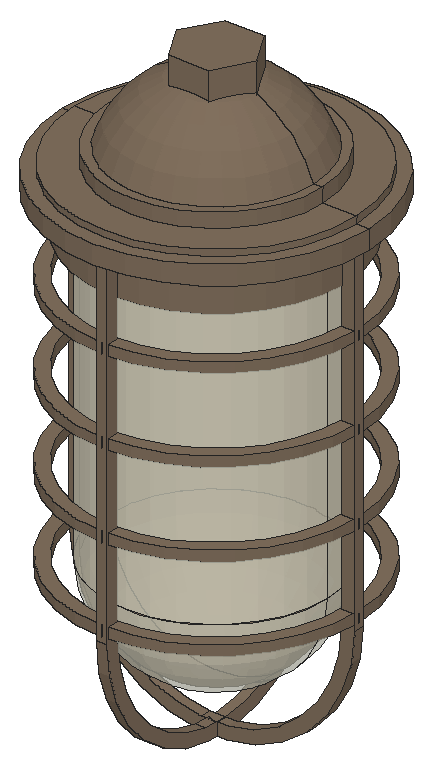
Revit family "P2.CG", category Lighting Fixtures, Revit 2024
Family settings
  Round Connector Dimension = Use Diameter
  Part Type = Normal
  OmniClass Number = 23.80.70.00
  OmniClass Title = Lighting
  Work Plane-Based = No
  Always vertical = Yes
  Cut with Voids When Loaded = No
  Light Source = No
  Maintain Annotation Orientation = No
  Shared = No
  Room Calculation Point = No
Parameters
  Default Elevation = 0' - 0"
Reference planes (in)
  plane 1 "Light Source Axis (F/B)": y = 0
  plane 2: z = 0
  plane 3 "Light Source Axis (L/R)": x = 0
  plane 4 "Light Source Elevation": z = 54
Forms (in)
  Extrusion 1, solid, material "66"
    sketch origin (6.84003, -9.36163, 53.97359) x (0, 1, 0) y (-1, 0, 0)
      loop
        line (9.36163, 6.05272) -> (10.04346, 6.44638) -> (10.04346, 7.23369) -> (9.36163, 7.62734) -> (8.6798, 7.23369) -> (8.6798, 6.44638) -> (9.36163, 6.05272)
    from 11.40009 to 12.047
  Revolve 2, solid, material "66"
    sketch origin (6.84003, -0.01365, -20.93302) x (1, 0, 0) y (0, 0, 1)
      loop
        line (-6.84003, 86.56466) -> (-6.84003, 86.4709)
        arc (-6.84003, 86.4709) -> (-5.692, 86.10354) -> (-4.99589, 85.1195) r 1.90036
        line (-4.99589, 85.1195) -> (-4.84249, 85.1195) -> (-4.84249, 84.83927) -> (-4.18378, 84.83927) -> (-4.18378, 84.71427) -> (-3.93378, 84.71427) -> (-3.93378, 84.52677) -> (-4.39628, 84.52677) -> (-4.39628, 83.77677) -> (-4.62769, 83.77677) -> (-4.62769, 83.68302) -> (-4.30253, 83.68302) -> (-4.30253, 84.43302) -> (-3.84003, 84.43302) -> (-3.84003, 84.80802) -> (-4.09003, 84.80802) -> (-4.09003, 84.93302) -> (-4.74874, 84.93302) -> (-4.74874, 85.21325) -> (-4.92753, 85.21325)
        arc (-4.92753, 85.21325) -> (-5.66451, 86.19926) -> (-6.84003, 86.56466) r 1.99411
      loop
        line (-4.66282, 78.03154) -> (-4.66282, 84.43302) -> (-4.75657, 84.43302) -> (-4.75657, 78.0333)
        arc (-4.75657, 78.0333) -> (-5.39398, 76.61211) -> (-6.83922, 76.03129) r 2.08125
        line (-6.83922, 76.03129) -> (-6.83922, 75.93754)
        arc (-6.83922, 75.93754) -> (-5.32832, 76.5452) -> (-4.66282, 78.03154) r 2.175
      loop
        line (-4.30253, 82.78302) -> (-4.05253, 82.78302) -> (-4.05253, 82.98302) -> (-4.30253, 82.98302) -> (-4.30253, 82.78302)
      loop
        line (-4.30253, 81.13302) -> (-4.05253, 81.13302) -> (-4.05253, 81.33302) -> (-4.30253, 81.33302) -> (-4.30253, 81.13302)
      loop
        line (-4.30253, 79.48302) -> (-4.05253, 79.48302) -> (-4.05253, 79.68302) -> (-4.30253, 79.68302) -> (-4.30253, 79.48302)
      loop
        line (-4.30253, 77.83302) -> (-4.05253, 77.83302) -> (-4.05253, 78.03302) -> (-4.30253, 78.03302) -> (-4.30253, 77.83302)
      axis (-6.84003, 86.56466) -> (-6.84003, 75.93754)
    angle from 0 to 360
  Extrusion 3, solid, material "66"
    sketch origin (6.84003, -1.36163, -20.93302) x (1, 0, 0) y (0, 0, 1)
      loop
        line (-4.05253, 77.72052) -> (-4.05253, 84.43302) -> (-4.30253, 84.43302) -> (-4.30253, 77.72052)
        arc (-4.30253, 77.72052) -> (-5.12109, 75.85393) -> (-7.04867, 75.19161) r 2.5375
        arc (-7.04867, 75.19161) -> (-8.70662, 76.00158) -> (-9.37753, 77.72052) r 2.5375
        line (-9.37753, 77.72052) -> (-9.37753, 84.43302) -> (-9.62753, 84.43302) -> (-9.62753, 77.72052)
        arc (-9.62753, 77.72052) -> (-6.84003, 74.93302) -> (-4.05253, 77.72052) r 2.7875
    from -1.44798 to -1.24798
  Extrusion 4, solid, material "66"
    sketch origin (5.40871, -9.36163, -20.93302) x (0, -1, 0) y (0, 0, 1)
      loop
        arc (-12.13548, 77.72052) -> (-9.34798, 74.93302) -> (-6.56048, 77.72052) r 2.7875
        line (-6.56048, 77.72052) -> (-6.56048, 84.43302) -> (-6.81048, 84.43302) -> (-6.81048, 77.72052)
        arc (-6.81048, 77.72052) -> (-7.42922, 76.06001) -> (-8.98371, 75.2093) r 2.5375
        arc (-8.98371, 75.2093) -> (-11.00849, 75.80176) -> (-11.88548, 77.72052) r 2.5375
        line (-11.88548, 77.72052) -> (-11.88548, 84.43302) -> (-12.13548, 84.43302) -> (-12.13548, 77.72052)
    from 5.30871 to 5.50871
Dimensions and locks (in)
  aligned and locked: level to plane 2
